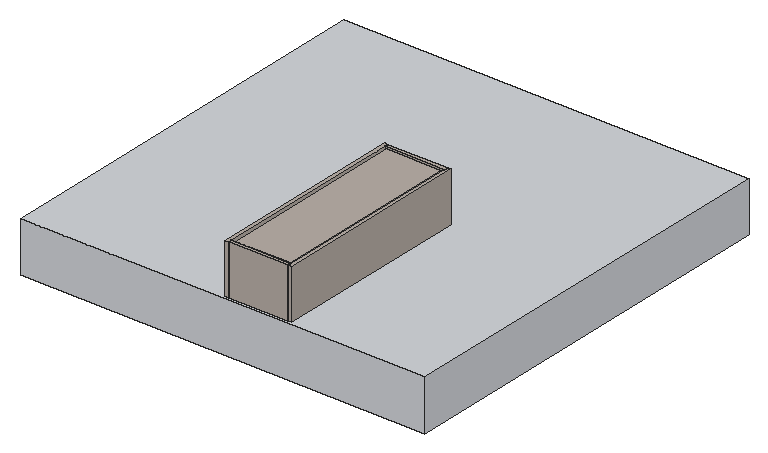
Revit family "IS_ConceptAir_Multiproduct_BIM_GB_E0832;E0834", category Plumbing Fixtures, host Face, Revit 2014
Parameters (values of type "E0834PS - 1200 Column Unit Wood Light Grey + Matt White")
  WaterEfficientProduct = no
  WarrantyStartDate [instance] = "1900-12-31T23:59:59"
  WarrantyGuarantorParts = "Productinfo@thebluebook.co.uk"
  WarrantyGuarantorLabor = "n/a"
  WarrantyDurationUnit = "year"
  WarrantyDurationParts = "5"
  WarrantyDurationLabor = "n/a"
  WarrantyDescription = "Manufacturers warranty"
  WRAS = no
  WFU = 0
  VolumeUnits = "Litres"
  Version = "1"
  Uniclass2 = "Pr_40_30_78_04"
  URL = "www.idealspec.co.uk"
  TagNumber [instance] = "n/a"
  TMV3 = no
  SustainabilityPerformance = "n/a"
  Style = "n/a"
  SpareParts = "www.fastpart-spares.co.uk"
  Space = "Internal"
  Size = "400 x 300 x 1200 mm"
  Shape = "Rectangular"
  SerialNumber [instance] = "n/a"
  Revision = "n/a"
  ReplacementCost = "n/a"
  ProductInformation = "www.idealspec.co.uk/assets/datasheet/E0834PS"
  Phone = "01482 346461"
  NominalWidth = 400 mm
  NominalLength = 300 mm
  NominalHeight = 1200 mm
  NominalDepth = 300 mm
  NettWeight = "0 Kg"
  Name = "Furniture_ConceptAir_E0834PS_IdealStandard"
  NBSTypeID = "n/a"
  NBSReference = "45-35-72/320"
  NBSOfficeMasterTag = "n/a"
  NBSNote = "n/a"
  NBSDescription = "Bathroom integrated duct work"
  NBSCertification = "n/a"
  ModelReference = Description  # "Concept Air 1200 Column Unit Wood Light Grey + Matt White"
  ModelNumber = Model  # "E0834PS"
  Model = "E0834PS"
  Material = "Laquered MDF"
  ManufacturerURL = "www.idealspec.co.uk"
  Manufacturer = "Productinfo@thebluebook.co.uk"
  MainColour = ISI_IdealStandard_Furniture_WoodLightGrey_Render
  MainColor = Color  # "Wood grey"
  LinearUnits = "millimeters"
  Keynote = "n/a"
  InstallationInstructions = "www.idealspec.co.uk/resources.html"
  InstallationDate [instance] = "1900-12-31T23:59:59"
  InnerColour = ISI_IdealStandard_Laminate_White_Render
  IfcExportType = "USERDEFINED"
  IfcExportAs = "IfcFurnitureType"
  HWFU = 0
  GrossWeight = "n/a"
  Grade = "n/a"
  Finish = Color  # "Wood grey"
  Features = "1200 Column Unit Wood Light Grey + Matt White"
  ExpectedLife = "30"
  ECA = no
  DurationUnit = "year"
  DistributedBy = "n/a"
  Description = "Concept Air 1200 Column Unit Wood Light Grey + Matt White"
  Default Elevation = 2000 mm
  CurrencyUnit = "n/a"
  CreatedOn = "2016-02-03"
  Cost = 0
  Constituents = "n/a"
  Color = "Wood grey"
  CodePerformance = "n/a"
  CWFU = 0
  Brand = "IdealStandard"
  BarCode [instance] = "n/a"
  BREEAM = no
  BIMObjectName = "ISI_IdealStandard_Furniture_ConceptAir_E0834PS"
  Author = "Ideal Standard"
  AssetType = "Fixed"
  AssetIdentifier [instance] = "n/a"
  Assembly Code = "C1030200"
  AreaUnits = "millimeters"
  AreaMeasurement = "n/a"
  Accessories = "www.idealspec.co.uk"
  AccessibilityPerformance = "n/a"
Types (12, lengths in mm): name | Size | ProductInformation | NominalHeight | Name | ModelReference | ModelNumber | Model | MainColour | MainColor | InnerColour | Finish | Features | Description | Color | BIMObjectName
  E0834B2 - 1200 Column Unit Gls White + Matt White | "400 x 300 x 1200 mm" | "www.idealspec.co.uk/assets/datasheet/E0834B2" | 1200 | "Furniture_ConceptAir_E0834B2_IdealStandard" | "Concept Air 1200 Column Unit Gls White + Matt White" | "E0834B2" | "E0834B2" | ISI_IdealStandard_Laminate_White_Render | "White" | ISI_IdealStandard_Laminate_White_Render | "White" | "1200 Column Unit Gls White + Matt White" | "Concept Air 1200 Column Unit Gls White + Matt White" | "White" | "ISI_IdealStandard_Furniture_ConceptAir_E0834B2"
  E0834EQ - 1200 Column Unit Gls Light Grey + Matt White | "400 x 300 x 1200 mm" | "www.idealspec.co.uk/assets/datasheet/E0834EQ" | 1200 | "Furniture_ConceptAir_E0834EQ_IdealStandard" | "Concept Air 1200 Column Unit Gls Light Grey + Matt White" | "E0834EQ" | "E0834EQ" | ISI_IdealStandard_Furniture_Grey_Render | "Grey" | ISI_IdealStandard_Laminate_White_Render | "Grey" | "1200 Column Unit Gls Light Grey + Matt White" | "Concept Air 1200 Column Unit Gls Light Grey + Matt White" | "Grey" | "ISI_IdealStandard_Furniture_ConceptAir_E0834EQ"
  E0834KN - 1200 Column Unit Gls White + Matt Light Grey | "400 x 300 x 1200 mm" | "www.idealspec.co.uk/assets/datasheet/E0834KN" | 1200 | "Furniture_ConceptAir_E0834KN_IdealStandard" | "Concept Air 1200 Column Unit Gls White + Matt Light Grey" | "E0834KN" | "E0834KN" | ISI_IdealStandard_Laminate_White_Render | "White" | ISI_IdealStandard_Furniture_Grey_Render | "White" | "1200 Column Unit Gls White + Matt Light Grey" | "Concept Air 1200 Column Unit Gls White + Matt Light Grey" | "White" | "ISI_IdealStandard_Furniture_ConceptAir_E0834KN"
  E0834PS - 1200 Column Unit Wood Light Grey + Matt White | "400 x 300 x 1200 mm" | "www.idealspec.co.uk/assets/datasheet/E0834PS" | 1200 | "Furniture_ConceptAir_E0834PS_IdealStandard" | "Concept Air 1200 Column Unit Wood Light Grey + Matt White" | "E0834PS" | "E0834PS" | ISI_IdealStandard_Furniture_WoodLightGrey_Render | "Wood grey" | ISI_IdealStandard_Laminate_White_Render | "Wood grey" | "1200 Column Unit Wood Light Grey + Matt White" | "Concept Air 1200 Column Unit Wood Light Grey + Matt White" | "Wood grey" | "ISI_IdealStandard_Furniture_ConceptAir_E0834PS"
  E0834UK - 1200 Column Unit Wood Light Brown + Matt Light Brown | "400 x 300 x 1200 mm" | "www.idealspec.co.uk/assets/datasheet/E0834UK" | 1200 | "Furniture_ConceptAir_E0834UK_IdealStandard" | "Concept Air 1200 Column Unit Wood Light Brown + Matt Light Brown" | "E0834UK" | "E0834UK" | ISI_IdealStandard_Furniture_WoodLightBrown_Render | "Wood brown" | ISI_IdealStandard_Furniture_WoodLightBrown_Render | "Wood brown" | "1200 Column Unit Wood Light Brown + Matt Light Brown" | "Concept Air 1200 Column Unit Wood Light Brown + Matt Light Brown" | "Wood brown" | "ISI_IdealStandard_Furniture_ConceptAir_E0834UK"
  E0832B2 - 1600 Column Unit Gls White + Matt White | "400 x 300 x 1600 mm" | "www.idealspec.co.uk/assets/datasheet/E0832B2" | 1600 | "Furniture_ConceptAir_E0832B2_IdealStandard" | "Concept Air 1600 Column Unit Gls White + Matt White" | "E0832B2" | "E0832B2" | ISI_IdealStandard_Laminate_White_Render | "White" | ISI_IdealStandard_Laminate_White_Render | "White" | "1600 Column Unit Gls White + Matt White" | "Concept Air 1600 Column Unit Gls White + Matt White" | "White" | "ISI_IdealStandard_Furniture_ConceptAir_E0832B2"
  E0832EQ - 1600 Column Unit Gls Light Grey + Matt White | "400 x 300 x 1600 mm" | "www.idealspec.co.uk/assets/datasheet/E0832EQ" | 1600 | "Furniture_ConceptAir_E0832EQ_IdealStandard" | "Concept Air 1600 Column Unit Gls Light Grey + Matt White" | "E0832EQ" | "E0832EQ" | ISI_IdealStandard_Furniture_Grey_Render | "Grey" | ISI_IdealStandard_Laminate_White_Render | "Grey" | "1600 Column Unit Gls Light Grey + Matt White" | "Concept Air 1600 Column Unit Gls Light Grey + Matt White" | "Grey" | "ISI_IdealStandard_Furniture_ConceptAir_E0832EQ"
  E0832KN - 1600 Column Unit Gls White + Matt Light Grey | "400 x 300 x 1600 mm" | "www.idealspec.co.uk/assets/datasheet/E0832KN" | 1600 | "Furniture_ConceptAir_E0832KN_IdealStandard" | "Concept Air 1600 Column Unit Gls White + Matt Light Grey" | "E0832KN" | "E0832KN" | ISI_IdealStandard_Laminate_White_Render | "White" | ISI_IdealStandard_Furniture_Grey_Render | "White" | "1600 Column Unit Gls White + Matt Light Grey" | "Concept Air 1600 Column Unit Gls White + Matt Light Grey" | "White" | "ISI_IdealStandard_Furniture_ConceptAir_E0832KN"
  E0832PS - 1600 Column Unit Wood Light Grey + Matt White | "400 x 300 x 1600 mm" | "www.idealspec.co.uk/assets/datasheet/E0832PS" | 1600 | "Furniture_ConceptAir_E0832PS_IdealStandard" | "Concept Air 1600 Column Unit Wood Light Grey + Matt White" | "E0832PS" | "E0832PS" | ISI_IdealStandard_Furniture_WoodLightGrey_Render | "Wood grey" | ISI_IdealStandard_Laminate_White_Render | "Wood grey" | "1600 Column Unit Wood Light Grey + Matt White" | "Concept Air 1600 Column Unit Wood Light Grey + Matt White" | "Wood grey" | "ISI_IdealStandard_Furniture_ConceptAir_E0832PS"
  E0832UK - 1600 Column Unit Wood Light Brown + Matt Light Brown | "400 x 300 x 1600 mm" | "www.idealspec.co.uk/assets/datasheet/E0832UK" | 1600 | "Furniture_ConceptAir_E0832UK_IdealStandard" | "Concept Air 1600 Column Unit Wood Light Brown + Matt Light Brown" | "E0832UK" | "E0832UK" | ISI_IdealStandard_Furniture_WoodLightBrown_Render | "Wood brown" | ISI_IdealStandard_Furniture_WoodLightBrown_Render | "Wood brown" | "1600 Column Unit Wood Light Brown + Matt Light Brown" | "Concept Air 1600 Column Unit Wood Light Brown + Matt Light Brown" | "Wood brown" | "ISI_IdealStandard_Furniture_ConceptAir_E0832UK"
  E0832VY - 1600 Column Unit Matt Dark Brown + Matt White | "400 x 300 x 1600 mm" | "www.idealspec.co.uk/assets/datasheet/E0832VY" | 1600 | "Furniture_ConceptAir_E0832VY_IdealStandard" | "Concept Air 1600 Column Unit Gls Dark Brown + Matt White" | "E0832VY" | "E0832VY" | ISI_IdealStandard_Furniture_DarkBrown_Render | "Dark brown" | ISI_IdealStandard_Laminate_White_Render | "Dark brown" | "1600 Column Unit Matt Dark Brown + Matt White" | "Concept Air 1600 Column Unit Matt Dark Brown + Matt White" | "Dark brown" | "ISI_IdealStandard_Furniture_ConceptAir_E0832VY"
  E0834VY - 1200 Column Unit Matt Dark Brown + Matt White | "400 x 300 x 1200 mm" | "www.idealspec.co.uk/assets/datasheet/E0834VY" | 1200 | "Furniture_ConceptAir_E0834VY_IdealStandard" | "Concept Air 1200 Column Unit Gls Dark Brown + Matt White" | "E0834VY" | "E0834VY" | ISI_IdealStandard_Furniture_DarkBrown_Render | "Dark brown" | ISI_IdealStandard_Laminate_White_Render | "Dark brown" | "1200 Column Unit Matt Dark Brown + Matt White" | "Concept Air 1200 Column Unit Matt Dark Brown + Matt White" | "Dark brown" | "ISI_IdealStandard_Furniture_ConceptAir_E0834VY"
Reference planes
  plane 1 "Center (Front/Back)": y = 0
  plane 2: z = 0
  plane 3 "Center (Left/Right)": x = 0
  plane 4: x = 400
  plane 5: y = -1200
  plane 6: z = 300
  plane 7: z = 280
  plane 8: x = 20
  plane 9: x = 380
  plane 10: y = -1180
  plane 11: x = 45
  plane 12: x = 375
  plane 13: y = -40
  plane 14: y = -20
  plane 15: z = 260
  plane 16: x = 200
  plane 17: y = -1175
Forms (mm)
  Extrusion 1, solid
    sketch origin (0, 0, 0) x (1, 0, 0) y (0, 1, 0)
      loop
        line (-1219.2, 1219.2) -> (-1219.2, -1219.2) -> (1219.2, -1219.2) -> (1219.2, 1219.2) -> (-1219.2, 1219.2)
    from 0 to -304.8
  Extrusion 2, solid, material "ISI_IdealStandard_Furniture_WoodLightGrey_Render" <- "MainColour"
    sketch origin (-1524, -1200, 1219.2) x (-1, 0, 0) y (0, 0, 1)
      loop
        line (-1924, -1219.2) -> (-1904, -1219.2) -> (-1904, -919.2) -> (-1924, -919.2) -> (-1924, -1219.2)
      loop
        line (-1544, -919.2) -> (-1544, -1219.2) -> (-1524, -1219.2) -> (-1524, -919.2) -> (-1544, -919.2)
    from 0 to 1200
  Extrusion 3, solid, material "ISI_IdealStandard_Furniture_WoodLightGrey_Render" <- "MainColour"
    sketch origin (-1524, -1200, 1219.2) x (-1, 0, 0) y (0, 0, 1)
      loop
        line (-1904, -919.2) -> (-1904, -1219.2) -> (-1544, -1219.2) -> (-1544, -919.2) -> (-1904, -919.2)
    from 0 to 20
  Extrusion 4, solid, material "ISI_IdealStandard_Laminate_White_Render" <- "InnerColour"
    sketch origin (-1524, -1180, 1219.2) x (-1, 0, 0) y (0, 0, 1)
      loop
        line (-1904, -939.2) -> (-1904, -959.2) -> (-1544, -959.2) -> (-1544, -939.2) -> (-1904, -939.2)
    from 0 to 1160
  Extrusion 5, solid, material "ISI_IdealStandard_Laminate_White_Render" <- "InnerColour"
    sketch origin (0, 1465.263, 280) x (0, 1, 0) y (-1, 0, 0)
      loop
        line (-1515.263, -20) -> (-1515.263, -375) -> (-1505.263, -375) -> (-1505.263, -20) -> (-1515.263, -20)
    from -20 to -280
  Extrusion 6, solid, material "ISI_IdealStandard_Furniture_WoodLightGrey_Render" <- "MainColour"
    sketch origin (0, 0, 0) x (1, 0, 0) y (0, 0, 1)
      loop
        line (380, 0) -> (380, 300) -> (20, 300) -> (20, 0) -> (380, 0)
    from 0 to 20
  Extrusion 7, solid, material "ISI_IdealStandard_Furniture_WoodLightGrey_Render" <- "MainColour"
    sketch origin (1524, -1175, 1219.2) x (1, 0, 0) y (0, 0, 1)
      loop
        line (-1149, -939.2) -> (-1149, -919.2) -> (-1479, -919.2) -> (-1459, -939.2) -> (-1149, -939.2)
    from 0 to -1135
Dimensions and locks
  "NominalHeight": plane 1 "Center (Front/Back)" to plane 5
  "NominalWidth": plane 3 "Center (Left/Right)" to plane 4
  "NominalDepth": plane 6 to plane 2
  locked: plane 6 to plane 7 at 20
  locked: plane 3 "Center (Left/Right)" to plane 8 at 20
  locked: plane 9 to plane 4 at 20
  locked: plane 8 to plane 11 at 25
  locked: plane 12 to plane 9 at 5
  locked: plane 7 to plane 15 at 20
  plane 3 "Center (Left/Right)" to plane 4 = 400 mm
  locked: plane 14 to plane 1 "Center (Front/Back)" at 20
  locked: plane 14 to plane 13 at 20
  equal spacing: plane 3 "Center (Left/Right)", plane 16, plane 4
  plane 17 to plane 10 to plane 5 = 5 mm locked, 20 mm locked
  aligned and locked: plane 2 to Extrusion 1
  aligned and locked: level to Extrusion 1
  aligned and locked: plane 4 to Extrusion 2 sketch curve
  aligned and locked: plane 6 to Extrusion 2 sketch curve
  aligned and locked: Extrusion 2 sketch curve to plane 9
  aligned and locked: Extrusion 2 sketch curve to plane 6
  aligned and locked: Extrusion 2 sketch curve to plane 8
  aligned and locked: Extrusion 1 to Extrusion 2 sketch curve
  aligned and locked: plane 3 "Center (Left/Right)" to Extrusion 2 sketch curve
  aligned and locked: Extrusion 2 to plane 1 "Center (Front/Back)"
  aligned and locked: Extrusion 2 to plane 5
  aligned and locked: Extrusion 3 sketch curve to Extrusion 2  (x4)
  aligned and locked: plane 10 to Extrusion 3
  aligned and locked: Extrusion 3 to plane 5
  aligned and locked: Extrusion 4 sketch curve to plane 7
  aligned and locked: plane 15 to Extrusion 4 sketch curve
  aligned and locked: Extrusion 5 to level
  aligned and locked: plane 15 to Extrusion 5
  aligned and locked: plane 9 to Extrusion 4
  aligned and locked: Extrusion 4 to plane 10
  aligned and locked: plane 14 to Extrusion 4
  aligned and locked: Extrusion 4 to Extrusion 3
  aligned and locked: Extrusion 4 to Extrusion 2
  aligned and locked: Extrusion 4 to plane 8
  aligned and locked: Extrusion 6 sketch curve to Extrusion 3  (x2)
  aligned and locked: Extrusion 6 sketch curve to Extrusion 2  (x2)
  aligned and locked: Extrusion 6 to plane 14
  aligned and locked: Extrusion 6 to plane 1 "Center (Front/Back)"
  aligned and locked: plane 6 to Extrusion 7
  aligned and locked: Extrusion 7 to plane 7
  aligned and locked: plane 12 to Extrusion 7
  aligned and locked: Extrusion 7 to plane 13
  aligned and locked: plane 17 to Extrusion 7
Automatic sketch dimensions
  Extrusion 1 sketch curve to Extrusion 1 sketch curve = 2438.4 mm  (x2)
  Extrusion 2 sketch curve to level = 0 mm
  Extrusion 2 sketch curve to plane 6 = 0 mm
  plane 12 to Extrusion 4 sketch curve = 5 mm
  Extrusion 4 sketch curve to plane 11 = 25 mm
  Extrusion 5 sketch curve to plane 8 = 0 mm
  Extrusion 5 sketch curve to Extrusion 5 sketch curve = 10 mm
  Extrusion 5 sketch curve to plane 12 = 0 mm
  plane 13 to Extrusion 5 sketch curve = 0 mm
  Extrusion 7 sketch curve to plane 6 = 0 mm
  Extrusion 7 sketch curve to plane 11 = 0 mm
  Extrusion 7 sketch curve to plane 7 = 0 mm
  Extrusion 7 sketch curve to plane 12 = 0 mm
  plane 11 to Extrusion 7 sketch curve = 20 mm
